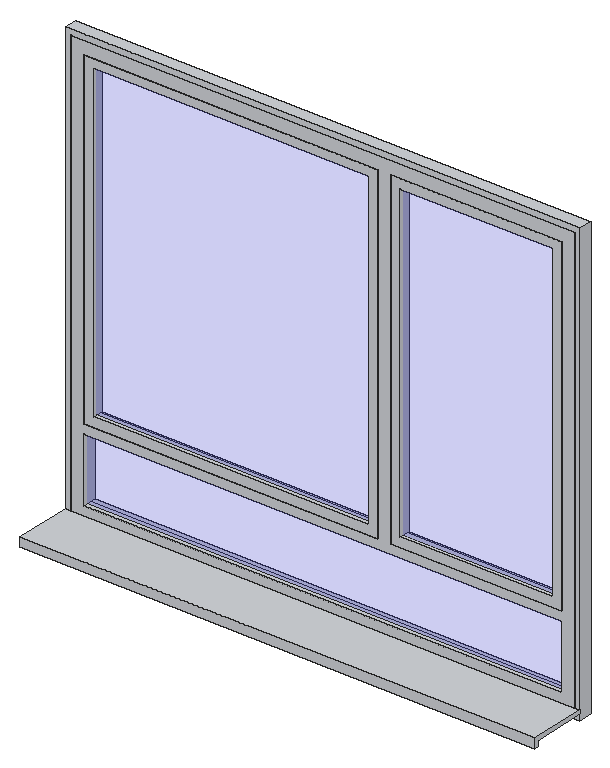
Revit family "AVLN_Окно_Фрамуга общая_2 створки", category Окна, Revit 2021
Family settings
  Основа = Стена
  Номер OmniClass = 23.30.20.00
  Заголовок OmniClass = Windows
  Всегда вертикально = Да
  При загрузке вырезать с полостями = Нет
  Общий = Нет
  Точка принадлежности помещению = Нет
Parameters (values of type "Для копирования!")
  Ширина рамы = 70 mm
  Ширина импоста = 50 mm
  Четверть слева/справа = 50 mm
  Четверть низ = 0 mm  # constant formula
  Четверть верх = 50 mm
  Створка_снизу_ширина = Width - Монтажный зазор * 2 - Ширина рамы * 2  # 2600 mm
  Створка_снизу_высота = 350 mm
  Створка_толщина = 25 mm  # constant formula
  Толщина основы [instance] = 200 mm
  Створка_справа_ширина = Width - ((Ширина рамы * 3) + (Монтажный зазор * 2) + Створка_слева_ширина)  # 930 mm
  Створка_слева_ширина = 1600 mm
  Створка_профиль = 50 mm
  Створка_высота = Height - (Створка_снизу_высота + (Ширина рамы * 2) + Ширина импоста + (Монтажный зазор * 2))  # 1800 mm
  Define Thermal Properties by = 1
  Model = ""
  Верх право открывание = АВЛН_Створка открывная : Створка откидная
  Верх лево открывание = АВЛН_Створка открывная : Створка откидная
  Rough Width = Width - Монтажный зазор * 2  # 2740 mm
  Rough Height = Height - Монтажный зазор * 2  # 2340 mm
  Подстановочный профиль_Ширина = 20 mm  # constant formula
  Подстановочный профиль_Толщина = 60 mm
  Подоконник_Толщина = 20 mm
  Подоконник_Длина = Width  # 2800 mm
  Подоконник_Глубина = 280 mm
  Подоконник = yes
  Низ открывание = АВЛН_Створка открывная : Створка глухая
  Глубина вставки = 0 mm
  Отлив_Толщина = 1 mm  # constant formula
  Отлив_Длина = Width - [Четверть слева/справа] * 2  # 2700 mm
  Отлив_Глубина = 280 mm
  Отлив = no
  Откос_Н.Ширина = Width - 2 * [Четверть слева/справа]  # 2700 mm
  Откос_Н.Толщина.8 = 32 mm
  Откос_Н.Толщина.7 = 28 mm
  Откос_Н.Толщина.6 = 24 mm
  Откос_Н.Толщина.5 = 20 mm
  Откос_Н.Толщина.4 = 16 mm
  Откос_Н.Толщина.3 = 12 mm
  Откос_Н.Толщина.2 = 8 mm
  Откос_Н.Толщина.1 = 4 mm
  Откос_Н.Отступ_П = 0 mm  # constant formula
  Откос_Н.Отступ_Л = 0 mm  # constant formula
  Откос_Н.Количество слоев = 0
  Откос_Н.Глубина = 150 mm
  Откос_Н.Высота = Height - Четверть верх - Четверть низ  # 2350 mm
  Откос_В.Толщина.8 = 32 mm
  Откос_В.Толщина.7 = 28 mm
  Откос_В.Толщина.6 = 24 mm
  Откос_В.Толщина.5 = 20 mm
  Откос_В.Толщина.4 = 16 mm
  Откос_В.Толщина.3 = 12 mm
  Откос_В.Толщина.2 = 8 mm
  Откос_В.Толщина.1 = 4 mm
  Откос_В.Отступ_П [instance] = Монтажный зазор + Подоконник_Толщина  # 50 mm
  Откос_В.Отступ_Л [instance] = Монтажный зазор + Подоконник_Толщина  # 50 mm
  Откос_В.Количество слоев = 0
  Откос_В.Глубина [instance] = Толщина основы - Глубина вставки - Ширина рамы  # 130 mm
  Монтажный зазор = 30 mm
  М.Подоконник = none
  М.Отлив = none
  М.Откос_Н.8 = none
  М.Откос_Н.7 = none
  М.Откос_Н.6 = none
  М.Откос_Н.5 = none
  М.Откос_Н.4 = none
  М.Откос_Н.3 = none
  М.Откос_Н.2 = none
  М.Откос_Н.1 = ADSK_Полимеры_ Поливинилхлорид_(ПВХ) белый
  М.Откос_В.8 = none
  М.Откос_В.7 = none
  М.Откос_В.6 = none
  М.Откос_В.5 = none
  М.Откос_В.4 = none
  М.Откос_В.3 = none
  М.Откос_В.2 = none
  М.Откос_В.1 = ADSK_Полимеры_ Поливинилхлорид_(ПВХ) белый
  М.Монтажного зазора = none
  М.Стекла = Стекло
  М.Рамы = none
  М.Подоконный профиль = none
  Type Comments = ""
  Height = 2400 mm
  Высота подоконника по умолчанию = 800 mm
  Замыкание стены = По основе
  Width = 2800 mm
  Аналитическая конструкция = "<Нет>"
  АВЛН_Проем_Ширина [instance] = Width  # 2800 mm
  АВЛН_Проем_Высота [instance] = Height  # 2400 mm
  ADSK_Этаж [instance] = ""
  ADSK_Размер_Ширина = Width  # 2800 mm
  ADSK_Размер_Высота = Height  # 2400 mm
  ADSK_Примечание [instance] = ""
  ADSK_Площадь = Height * Width  # 6.72 m²
  ADSK_Обозначение = ""
  ADSK_Номер секции [instance] = ""
  ADSK_Наименование = ""
  ADSK_Марка = ""
  ADSK_Группирование = ""
  -----------Разрезка----------- = "-----------"  # constant formula
  -----------Профили----------- = "-----------"  # constant formula
  -----------Подоконник----------- = "-----------"  # constant formula
  -----------Отлив----------- = "-----------"  # constant formula
  -----------Откос----------- = "-----------"  # constant formula
  -----------Основные габариты----------- = "-----------"  # constant formula
  -----------Вставка----------- = "-----------"  # constant formula
Reference planes
  plane 1 "По центру (Вперед/Назад)": y = 0
  plane 2 "По центру (Влево/Вправо)": x = 0
  plane 3 "Слева": x = -1400
  plane 4 "Справа": x = 1400
  plane 5 "Подоконник": z = 800
  plane 6 "Заголовок": z = 3200
  plane 7 "Наружный": y = 100
  plane 8 "Внутренние": y = -100
  plane 9 "Окно": y = 100
  plane 10: x = 1370
  plane 11: z = 3170
  plane 12: x = -1370
  plane 13: z = 830
  plane 14: x = 1350
  plane 15: x = -1350
  plane 16: z = 2000
  plane 17: y = 600
  plane 18: y = -400
  plane 19: z = 3150
  plane 20 "Чет. низ": z = 800
  plane 21 "Внутряння грань": y = 30
  plane 22: y = 80
  plane 23 "Импост верх": z = 1300
  plane 24 "Импост низ": z = 1250
  plane 25: z = 900
  plane 26: z = 3100
  plane 27: x = -1300
  plane 28: x = 1300
  plane 29 "4": z = 1275
  plane 30 "5": x = 300
  plane 31 "6": x = 370
  plane 32 "9": x = 0
  plane 33 "10": x = 835
  plane 34 "11": x = -500
  plane 35 "12": z = 2200
  plane 36: z = 1075
Forms (mm)
  Extrusion 1, void
    sketch origin (0, 100, 0) x (1, 0, 0) y (0, 0, 1)
      loop
        line (1350, 3150) -> (-1350, 3150) -> (-1350, 800) -> (1350, 800) -> (1350, 3150)
    from -500 to 20
  Extrusion 2, void
    sketch origin (0, 100, 0) x (1, 0, 0) y (0, 0, 1)
      loop
        line (1400, 3200) -> (-1400, 3200) -> (-1400, 800) -> (1400, 800) -> (1400, 3200)
    from 0 to 500
  Extrusion 3, solid, material <- "М.Монтажного зазора", detail levels medium+fine
    sketch origin (0, 100, 0) x (1, 0, 0) y (0, 0, 1)
      loop
        line (1400, 3200) -> (-1400, 3200) -> (-1400, 800) -> (1400, 800) -> (1400, 3200)
      loop
        line (-1370, 3170) -> (-1370, 830) -> (1370, 830) -> (1370, 3170) -> (-1370, 3170)
    from 0 to 70
  Extrusion 4, solid, material <- "М.Рамы", detail levels medium+fine
    sketch origin (0, 100, 0) x (-1, 0, 0) y (0, 0, 1)
      loop
        line (-1370, 3170) -> (-1370, 830) -> (1370, 830) -> (1370, 3170) -> (-1370, 3170)
      loop
        line (-300, 3100) -> (-300, 1300) -> (1300, 1300) -> (1300, 3100) -> (-300, 3100)
      loop
        line (1300, 900) -> (1300, 1250) -> (-1300, 1250) -> (-1300, 900) -> (1300, 900)
      loop
        line (-370, 3100) -> (-1300, 3100) -> (-1300, 1300) -> (-370, 1300) -> (-370, 3100)
    from -70 to 0
Lines and regions (mm)
  reference lines
    curve 1: line (-1400, -100, 1275) -> (1400, -100, 1275)
    curve 2: line (335, -100, 3200) -> (335, -100, 800)
Text (mm)
  text "EXTERIOR" at (-1963.203, 1332.353, 0), in view "Опорный уровень"
  text "INTERIOR" at (-1981.466, -818.386, 0), in view "Опорный уровень"
  text "Наружный" at (0, 923.751, 2943.296), in view "Справа"
  text "Наружный" at (0, 1240.237, 2685.409), in view "Слева"
Dimensions and locks
  equal spacing: plane 3 "Слева", plane 2 "По центру (Влево/Вправо)", plane 4 "Справа"
  "Width": plane 3 "Слева" to plane 4 "Справа"
  "Height": plane 5 "Подоконник" to plane 6 "Заголовок"
  "Высота подоконника по умолчанию": plane 5 "Подоконник" to level
  locked: plane 7 "Наружный" to host wall
  locked: plane 8 "Внутренние" to host wall
  "Глубина вставки": plane 9 "Окно" to plane 7 "Наружный"
  "Монтажный зазор": plane 10 to plane 4 "Справа"
  "Монтажный зазор": plane 3 "Слева" to plane 12
  "Монтажный зазор": plane 11 to plane 6 "Заголовок"
  "Монтажный зазор": plane 5 "Подоконник" to plane 13
  "Четверть слева/справа": plane 14 to plane 4 "Справа"
  "Четверть слева/справа": plane 3 "Слева" to plane 15
  equal spacing: plane 5 "Подоконник", plane 16, plane 6 "Заголовок"
  locked: plane 7 "Наружный" to plane 17 at 500
  locked: plane 18 to plane 8 "Внутренние" at 300
  "Четверть верх": plane 19 to plane 6 "Заголовок"
  "Четверть низ": plane 5 "Подоконник" to plane 20 "Чет. низ"
  "Ширина рамы": plane 9 "Окно" to plane 21 "Внутряння грань"
  "Толщина основы": host wall to host wall
  locked: plane 22 to plane 21 "Внутряння грань" at 50
  "Ширина импоста": plane 24 "Импост низ" to plane 23 "Импост верх"
  "Ширина рамы": plane 28 to plane 10
  "Ширина рамы": plane 12 to plane 27
  "Ширина рамы": plane 13 to plane 25
  "Ширина рамы": plane 26 to plane 11
  plane 23 "Импост верх" to plane 26 = 1800 mm  (x2)
  "Створка_снизу_высота": plane 25 to plane 24 "Импост низ"
  equal spacing: plane 23 "Импост верх", plane 29 "4", plane 24 "Импост низ"
  "Створка_слева_ширина": plane 27 to plane 30 "5"
  "Ширина рамы": plane 30 "5" to plane 31 "6"
  equal spacing: plane 30 "5", curve 2, plane 31 "6"
  equal spacing: plane 31 "6", plane 33 "10", plane 28
  equal spacing: plane 27, plane 34 "11", plane 30 "5"
  equal spacing: plane 26, plane 35 "12", plane 23 "Импост верх"
  equal spacing: plane 24 "Импост низ", plane 36, plane 25
  plane 31 "6" to plane 28 = 930 mm
  plane 25 to plane 36 to plane 24 "Импост низ" = 175 mm, 175 mm
  aligned and locked: Extrusion 1 sketch curve to plane 14
  aligned and locked: Extrusion 1 sketch curve to plane 15
  aligned and locked: Extrusion 1 to plane 17
  aligned and locked: Extrusion 2 sketch curve to plane 6 "Заголовок"
  aligned and locked: Extrusion 2 sketch curve to plane 4 "Справа"
  aligned and locked: plane 5 "Подоконник" to Extrusion 2 sketch curve
  aligned and locked: plane 3 "Слева" to Extrusion 2 sketch curve
  aligned and locked: Extrusion 2 to plane 9 "Окно"
  aligned and locked: Extrusion 2 to plane 18
  aligned and locked: Extrusion 1 sketch curve to plane 19
  aligned and locked: plane 20 "Чет. низ" to Extrusion 1 sketch curve
  aligned and locked: plane 9 "Окно" to nested 1
  aligned and locked: plane 2 "По центру (Влево/Вправо)" to nested 1
  aligned and locked: nested 2 to plane 21 "Внутряння грань"
  aligned and locked: nested 2 to plane 2 "По центру (Влево/Вправо)"
  aligned and locked: nested 3 to plane 2 "По центру (Влево/Вправо)"
  aligned and locked: plane 8 "Внутренние" to nested 3
  aligned and locked: nested 4 to plane 9 "Окно"
  aligned and locked: Extrusion 3 sketch curve to plane 6 "Заголовок"
  aligned and locked: Extrusion 3 sketch curve to plane 4 "Справа"
  aligned and locked: Extrusion 3 sketch curve to nested 2  (x2)
  aligned and locked: Extrusion 3 sketch curve to plane 11
  aligned and locked: Extrusion 3 sketch curve to plane 12
  aligned and locked: Extrusion 3 sketch curve to plane 13
  aligned and locked: Extrusion 3 sketch curve to plane 10
  aligned and locked: Extrusion 3 to nested 2
  aligned and locked: Extrusion 4 sketch curve to plane 24 "Импост низ"
  aligned and locked: plane 23 "Импост верх" to Extrusion 4 sketch curve
  aligned and locked: Extrusion 4 sketch curve to Extrusion 4 sketch curve
  aligned and locked: plane 27 to Extrusion 4 sketch curve
  aligned and locked: Extrusion 4 sketch curve to plane 12
  aligned and locked: Extrusion 4 sketch curve to plane 13
  aligned and locked: Extrusion 4 sketch curve to plane 26
  aligned and locked: Extrusion 4 sketch curve to plane 11
  aligned and locked: plane 20 "Чет. низ" to nested 4
  aligned and locked: nested 4 to plane 2 "По центру (Влево/Вправо)"
  aligned and locked: Extrusion 3 to plane 9 "Окно"
  aligned and locked: Extrusion 4 to plane 21 "Внутряння грань"
  aligned and locked: Extrusion 4 to plane 9 "Окно"
  aligned and locked: Extrusion 1 to plane 22
  aligned and locked: curve 1 to plane 29 "4"
  aligned and locked: plane 3 "Слева" to curve 1
  aligned and locked: plane 4 "Справа" to curve 1
  aligned and locked: Extrusion 4 sketch curve to plane 10
  aligned and locked: plane 26 to Extrusion 4 sketch curve
  aligned and locked: Extrusion 4 sketch curve to plane 28
  aligned and locked: Extrusion 4 sketch curve to plane 23 "Импост верх"
  aligned and locked: Extrusion 4 sketch curve to plane 31 "6"
  aligned and locked: plane 6 "Заголовок" to curve 2
  aligned and locked: plane 5 "Подоконник" to curve 2
  aligned and locked: plane 28 to Extrusion 4
  aligned and locked: Extrusion 4 to plane 27
  aligned and locked: plane 32 "9" to nested 5
  aligned and locked: nested 5 to plane 16
  aligned and locked: plane 33 "10" to nested 6
  aligned and locked: nested 6 to plane 35 "12"
  aligned and locked: plane 34 "11" to nested 7
  aligned and locked: nested 7 to plane 35 "12"
  aligned and locked: nested 8 to plane 36
  aligned and locked: plane 32 "9" to nested 8
Automatic sketch dimensions
  plane 28 to Extrusion 4 sketch curve = 0 mm
  plane 30 "5" to Extrusion 4 sketch curve = 0 mm
  Extrusion 4 sketch curve to plane 25 = 0 mm
Nested families
  nested 1: "Отлив" at (0, 100, 800) x (-1, 0, 0) z (0, 0, 1), Глубина отлива <- "Отлив_Глубина", Длина отлива <- "Отлив_Длина", ТО <- "Отлив_Толщина", Ш_МЗЗ <- "Монтажный зазор", Ш_ПП <- "Подстановочный профиль_Ширина", ADSK_Группирование <- "ADSK_Группирование", ADSK_Номер секции <- "ADSK_Номер секции", ADSK_Этаж <- "ADSK_Этаж", visible <- "Отлив", М <- "М.Отлив", type "Отлив", detail levels fine
    with Ш_ПП 20 mm, Ш_МЗЗ 30 mm, ТО 1 mm, М none, Длина отлива 2700 mm, Глубина отлива 280 mm, ADSK_Этаж "", ADSK_Примечание "", ADSK_Обозначение "", ADSK_Номер секции "", ADSK_Наименование "", ADSK_Марка "", ADSK_Группирование ""
  nested 2: "Подоконник" at (0, 30, 800), Глубина подоконника <- "Подоконник_Глубина", Длина отлива <- "Подоконник_Длина", ТП <- "Подоконник_Толщина", Ш_МЗЗ <- "Монтажный зазор", Ш_ПП <- "Подстановочный профиль_Ширина", ADSK_Группирование <- "ADSK_Группирование", ADSK_Номер секции <- "ADSK_Номер секции", ADSK_Этаж <- "ADSK_Этаж", visible <- "Подоконник", М <- "М.Подоконник", type "Подоконник", detail levels fine
    with Ш_ПП 20 mm, Ш_МЗЗ 30 mm, ТП 20 mm, М none, Длина отлива 2800 mm, Глубина подоконника 280 mm, ADSK_Этаж "", ADSK_Примечание "", ADSK_Обозначение "", ADSK_Номер секции "", ADSK_Наименование "", ADSK_Марка "", ADSK_Группирование ""
  nested 3: "AVLN_Откосы_R19" at (0, -100, 0), Глубина <- "Откос_В.Глубина", Высота от уровня <- "Высота подоконника по умолчанию", ADSK_Группирование <- "Type Comments", ADSK_Этаж <- "ADSK_Этаж", ADSK_Номер секции <- "ADSK_Номер секции", Материал_1 <- "М.Откос_В.1", Материал_2 <- "М.Откос_В.2", Материал_3 <- "М.Откос_В.3", Материал_4 <- "М.Откос_В.4", Материал_5 <- "М.Откос_В.5", Материал_6 <- "М.Откос_В.6", Материал_7 <- "М.Откос_В.7", Материал_8 <- "М.Откос_В.8", Толщина_1 <- "Откос_В.Толщина.1", Толщина_2 <- "Откос_В.Толщина.2", Толщина_3 <- "Откос_В.Толщина.3", Толщина_4 <- "Откос_В.Толщина.4", Толщина_5 <- "Откос_В.Толщина.5", Толщина_6 <- "Откос_В.Толщина.6", Толщина_7 <- "Откос_В.Толщина.7", Толщина_8 <- "Откос_В.Толщина.8", Количество слоев <- "Откос_В.Количество слоев", Отступ_Л <- "Откос_В.Отступ_Л", Отступ_П <- "Откос_В.Отступ_П", Высота <- "Height", Ширина <- "Width", type "AVLN_Откосы_R19"
    with Ширина_8 2576 mm, Ширина_7 2632 mm, Ширина_6 2680 mm, Ширина_5 2720 mm, Ширина_4 2752 mm, Ширина_3 2776 mm, Ширина_2 2792 mm, Ширина 2800 mm, Толщина_8 32 mm, Толщина_7 28 mm, Толщина_6 24 mm, Толщина_5 20 mm, Толщина_4 16 mm, Толщина_3 12 mm, Толщина_2 8 mm, Толщина_1 4 mm, Отступ_П 50 mm, Отступ_Л 50 mm, Материал_8 none, Материал_7 none, Материал_6 none, Материал_5 none, Материал_4 none, Материал_3 none, Материал_2 none, Материал_1 ADSK_Полимеры_ Поливинилхлорид_(ПВХ) белый, Количество слоев 0, Глубина 130 mm, Высота_8 2288 mm, Высота_7 2316 mm, Высота_6 2340 mm, Высота_5 2360 mm, Высота_4 2376 mm, Высота_3 2388 mm, Высота_2 2396 mm, Высота от уровня 800 mm, Высота 2400 mm, Видимость_8 no, Видимость_7 no, Видимость_6 no, Видимость_5 no, Видимость_4 no, Видимость_3 no, Видимость_2 no, Видимость_1 no, ADSK_Этаж "", ADSK_Номер секции "", ADSK_Группирование ""
  nested 4: "AVLN_Откосы_R19" at (0, 100, 0), Ширина <- "Откос_Н.Ширина", Глубина <- "Откос_Н.Глубина", Высота <- "Откос_Н.Высота", Высота от уровня <- "Высота подоконника по умолчанию", ADSK_Группирование <- "Type Comments", ADSK_Этаж <- "ADSK_Этаж", ADSK_Номер секции <- "ADSK_Номер секции", Материал_1 <- "М.Откос_Н.1", Материал_2 <- "М.Откос_Н.2", Материал_3 <- "М.Откос_Н.3", Материал_4 <- "М.Откос_Н.4", Материал_5 <- "М.Откос_Н.5", Материал_6 <- "М.Откос_Н.6", Материал_7 <- "М.Откос_Н.7", Материал_8 <- "М.Откос_Н.8", Толщина_1 <- "Откос_Н.Толщина.1", Толщина_2 <- "Откос_Н.Толщина.2", Толщина_3 <- "Откос_Н.Толщина.3", Толщина_4 <- "Откос_Н.Толщина.4", Толщина_5 <- "Откос_Н.Толщина.5", Толщина_6 <- "Откос_Н.Толщина.6", Толщина_7 <- "Откос_Н.Толщина.7", Толщина_8 <- "Откос_Н.Толщина.8", Количество слоев <- "Откос_Н.Количество слоев", Отступ_Л <- "Откос_Н.Отступ_Л", Отступ_П <- "Откос_Н.Отступ_П", type "AVLN_Откосы_R19"
    with Ширина_8 2476 mm, Ширина_7 2532 mm, Ширина_6 2580 mm, Ширина_5 2620 mm, Ширина_4 2652 mm, Ширина_3 2676 mm, Ширина_2 2692 mm, Ширина 2700 mm, Толщина_8 32 mm, Толщина_7 28 mm, Толщина_6 24 mm, Толщина_5 20 mm, Толщина_4 16 mm, Толщина_3 12 mm, Толщина_2 8 mm, Толщина_1 4 mm, Отступ_П 0 mm, Отступ_Л 0 mm, Материал_8 none, Материал_7 none, Материал_6 none, Материал_5 none, Материал_4 none, Материал_3 none, Материал_2 none, Материал_1 ADSK_Полимеры_ Поливинилхлорид_(ПВХ) белый, Количество слоев 0, Глубина 150 mm, Высота_8 2238 mm, Высота_7 2266 mm, Высота_6 2290 mm, Высота_5 2310 mm, Высота_4 2326 mm, Высота_3 2338 mm, Высота_2 2346 mm, Высота от уровня 800 mm, Высота 2350 mm, Видимость_8 no, Видимость_7 no, Видимость_6 no, Видимость_5 no, Видимость_4 no, Видимость_3 no, Видимость_2 no, Видимость_1 no, ADSK_Этаж "", ADSK_Номер секции "", ADSK_Группирование ""
  nested 5: "AVLN_Обозначение проема" at (0, 100, 2000) x (0, 0, -1) z (0, -1, 0), ADSK_Размер_Высота <- "АВЛН_Проем_Ширина", ADSK_Размер_Ширина <- "АВЛН_Проем_Высота", type "AVLN_Обозначение проема", detail levels coarse
    with ADSK_Размер_Ширина 2400 mm, ADSK_Размер_Высота 2800 mm
  nested 6: "АВЛН_Створка открывная" at (835, 30, 2200) x (-1, 0, 0) z (0, 1, 0), type <- "Верх право открывание", Створка высота <- "Створка_высота", Створка ширина <- "Створка_справа_ширина", Ширина рамы <- "Створка_профиль", Материал_Ручки <- "М.Рамы", Материал_Рама <- "М.Рамы", Материал_Стеклопакет <- "М.Стекла", type "Створка откидная", detail levels medium+fine
    with Ширина рамы 50 mm, Створка ширина 930 mm, Створка высота 1800 mm, Материал_Стеклопакет Стекло, Материал_Ручки none, Материал_Рама none
  nested 7: "АВЛН_Створка открывная" at (-500, 30, 2200) x (-1, 0, 0) z (0, 1, 0), type <- "Верх лево открывание", Створка высота <- "Створка_высота", Створка ширина <- "Створка_слева_ширина", Ширина рамы <- "Створка_профиль", Материал_Ручки <- "М.Рамы", Материал_Рама <- "М.Рамы", Материал_Стеклопакет <- "М.Стекла", type "Створка откидная", detail levels medium+fine
    with Ширина рамы 50 mm, Створка ширина 1600 mm, Створка высота 1800 mm, Материал_Стеклопакет Стекло, Материал_Ручки none, Материал_Рама none
  nested 8: "АВЛН_Створка открывная" at (0, 30, 1075) x (-1, 0, 0) z (0, 1, 0), Створка высота <- "Створка_снизу_высота", Створка ширина <- "Створка_снизу_ширина", Ширина рамы <- "Створка_профиль", type <- "Низ открывание", Материал_Ручки <- "М.Рамы", Материал_Рама <- "М.Рамы", Материал_Стеклопакет <- "М.Стекла", type "Створка глухая", detail levels medium+fine
    with Ширина рамы 50 mm, Створка ширина 2600 mm, Створка высота 350 mm, Материал_Стеклопакет Стекло, Материал_Ручки none, Материал_Рама none
Definition of nested family "Отлив"
  Parameters (values of type "Отлив")
    Ш_ПП [instance] = 50 mm
    Ш_МЗЗ [instance] = 35 mm
    ТО [instance] = 1 mm
    Default Elevation = 1219.2 mm
    М [instance] = none
    Длина отлива [instance] = 1560 mm
    Глубина отлива [instance] = 280 mm
    ADSK_Этаж [instance] = ""
    ADSK_Примечание [instance] = ""
    ADSK_Обозначение [instance] = ""
    ADSK_Номер секции [instance] = ""
    ADSK_Наименование [instance] = ""
    ADSK_Марка [instance] = ""
    ADSK_Группирование [instance] = ""
  Reference planes
    plane 1 "По центру (Вперед/Назад)": y = 0
    plane 2: z = 0
    plane 3 "По центру (Влево/Вправо)": x = 0
    plane 4: y = -280
    plane 5: x = -780
    plane 6: x = 780
    plane 7: z = 35
    plane 8: z = 85
    plane 9: y = -1
    plane 10: y = -300
    plane 11: y = -301
    plane 12: z = -35
    plane 13: z = 34
  Forms (mm)
    Extrusion 1, solid, material <- "М"
      sketch origin (0, 0, 0) x (0, 1, 0) y (0, 0, 1)
        loop
          line (0, 85) -> (-1, 85) -> (-1, 34.893) -> (-301, 0.893) -> (-301, -35) -> (-300, -35) -> (-300, 0) -> (0, 34) -> (0, 85)
      from -780 to 780
  Dimensions and locks
    equal spacing: plane 5, plane 3 "По центру (Влево/Вправо)", plane 6
    "Длина отлива": plane 5 to plane 6
    "Глубина отлива": plane 4 to plane 1 "По центру (Вперед/Назад)"
    "Ш_МЗЗ": plane 7 to level
    "Ш_ПП": plane 8 to plane 7
    "ТО": plane 1 "По центру (Вперед/Назад)" to plane 9
    "ТО": plane 10 to plane 11
    locked: level to plane 12 at 35
    "ТО": plane 7 to plane 13
    "ТО": Extrusion 1 sketch curve to Extrusion 1 sketch curve
    locked: plane 4 to plane 10 at 20
    aligned and locked: level to plane 2
    aligned and locked: plane 8 to Extrusion 1 sketch curve
    aligned and locked: plane 9 to Extrusion 1 sketch curve
    aligned and locked: plane 11 to Extrusion 1 sketch curve
    aligned and locked: plane 12 to Extrusion 1 sketch curve
    aligned and locked: plane 1 "По центру (Вперед/Назад)" to Extrusion 1 sketch curve  (x2)
    aligned and locked: plane 13 to Extrusion 1 sketch curve
    aligned and locked: level to Extrusion 1 sketch curve
    aligned and locked: plane 10 to Extrusion 1 sketch curve
    aligned and locked: plane 6 to Extrusion 1
    aligned and locked: Extrusion 1 to plane 5
Definition of nested family "Подоконник"
  Parameters (values of type "Подоконник")
    Ш_ПП [instance] = 50 mm
    Ш_МЗЗ [instance] = 35 mm
    ТП [instance] = 20 mm
    Default Elevation = 1219.2 mm
    М [instance] = none
    Длина отлива [instance] = 1560 mm
    Глубина подоконника [instance] = 280 mm
    ADSK_Этаж [instance] = ""
    ADSK_Примечание [instance] = ""
    ADSK_Обозначение [instance] = ""
    ADSK_Номер секции [instance] = ""
    ADSK_Наименование [instance] = ""
    ADSK_Марка [instance] = ""
    ADSK_Группирование [instance] = ""
  Reference planes
    plane 1 "По центру (Вперед/Назад)": y = 0
    plane 2: z = 0
    plane 3 "По центру (Влево/Вправо)": x = 0
    plane 4: y = -280
    plane 5: x = -780
    plane 6: x = 780
    plane 7: z = 35
    plane 8: z = 85
    plane 9: y = -20
    plane 10: y = -290
    plane 11: y = -310
    plane 12: z = -35
    plane 13: z = 15
    plane 14: z = 65
  Forms (mm)
    Extrusion 1, solid, material <- "М"
      sketch origin (0, 0, 0) x (0, 1, 0) y (0, 0, 1)
        loop
          line (0, 85) -> (-310, 85) -> (-310, 0) -> (-290, 0) -> (-290, 65) -> (0, 65) -> (0, 85)
      from -780 to 780
  Dimensions and locks
    equal spacing: plane 5, plane 3 "По центру (Влево/Вправо)", plane 6
    "Длина отлива": plane 5 to plane 6
    "Глубина подоконника": plane 4 to plane 1 "По центру (Вперед/Назад)"
    "Ш_МЗЗ": plane 7 to level
    "Ш_ПП": plane 8 to plane 7
    "ТП": plane 1 "По центру (Вперед/Назад)" to plane 9
    "ТП": plane 10 to plane 11
    locked: level to plane 12 at 35
    "ТП": plane 7 to plane 13
    locked: plane 4 to plane 10 at 10
    "ТП": plane 8 to plane 14
    aligned and locked: level to plane 2
    aligned and locked: plane 8 to Extrusion 1 sketch curve
    aligned and locked: plane 1 "По центру (Вперед/Назад)" to Extrusion 1 sketch curve
    aligned and locked: plane 10 to Extrusion 1 sketch curve
    aligned and locked: plane 11 to Extrusion 1 sketch curve
    aligned and locked: level to Extrusion 1 sketch curve
    aligned and locked: plane 14 to Extrusion 1 sketch curve
    aligned and locked: Extrusion 1 to plane 5
    aligned and locked: plane 6 to Extrusion 1
Definition of nested family "АВЛН_Створка открывная"
  Parameters (values of type "Створка повороно-откидная правая")
    Ширина рамы [instance] = 50 mm
    Width = 1600 mm
    Створка ширина [instance] = 800 mm
    Створка высота [instance] = 700 mm
    Define Thermal Properties by = 1
    Материал_Стеклопакет [instance] = none
    Поворотная Правая = yes
    Поворотная Левая = no
    Default Elevation = 1219.2 mm
    Открываная = yes
    Откидная = yes
    Материал_Ручки [instance] = none
    Материал_Рама [instance] = none
    Левая = yes
    Глухое = no
    Height = 1800 mm
    Analytic Construction = "<Нет>"
  Types (6, lengths in mm): name | Поворотная Правая | Поворотная Левая | Открываная | Откидная | Глухое
    Створка повороно-откидная правая | yes | no | yes | yes | no
    Створка повороно-откидная левая | no | yes | yes | yes | no
    Створка глухая | no | no | no | no | yes
    Створка откидная | no | no | yes | yes | no
    Створка поворотная правая | yes | no | yes | no | no
    Створка поворотная левая | no | yes | yes | no | no
  Reference planes
    plane 1 "По центру (Вперед/Назад)": y = 0
    plane 2 "Внутрення грань": z = 0
    plane 3 "По центру (Влево/Вправо)": x = 0
    plane 4: y = 350
    plane 5: x = 400
    plane 6: y = -350
    plane 7: x = -400
    plane 8 "Наружняя грань": z = 60.433
    plane 9 "По центру Л/Р": z = 30.216
  Forms (mm)
    Extrusion 1, solid
      sketch origin (0, 0, 0) x (1, 0, 0) y (0, 1, 0)
        loop
          line (-1219.2, 1219.2) -> (-1219.2, -1219.2) -> (1219.2, -1219.2) -> (1219.2, 1219.2) -> (-1219.2, 1219.2)
      from 0 to -304.8
    Sweep 2, solid, material <- "Материал_Рама", visible <- "Открываная"
      path origin (0, 0, 0) x (1, 0, 0) y (0, 1, 0)
        loop
          line (400, 350) -> (-400, 350) -> (-400, -350) -> (400, -350) -> (400, 350)
      profile origin (0, 350, 0) x (0, -1, 0) y (0, 0, 1)
        loop
          line (0, 0) -> (50, 0) -> (50, 60.433) -> (0, 60.433) -> (0, 0)
    Extrusion 3, solid, material <- "Материал_Стеклопакет", visible <- "Открываная"
      sketch origin (0, 0, 0) x (1, 0, 0) y (0, 1, 0)
        loop
          line (-350, 300) -> (-350, -300) -> (350, -300) -> (350, 300) -> (-350, 300)
      from 17.481 to 42.952
    Extrusion 4, solid, material <- "Материал_Стеклопакет", visible <- "Глухое"
      sketch origin (0, 0, 0) x (1, 0, 0) y (0, 1, 0)
        loop
          line (-400, 350) -> (-400, -350) -> (400, -350) -> (400, 350) -> (-400, 350)
      from 17.481 to 42.952
  Lines and regions (mm)
    model lines, visible <- "Глухое", detail levels medium+fine
      curve 1: line (0, 50, 60.433) -> (0, -50, 60.433)
      curve 2: line (50, 0, 60.433) -> (-50, 0, 60.433)
      curve 17: line (0, 50, 0) -> (0, -50, 0)
      curve 18: line (50, 0, 0) -> (-50, 0, 0)
    model lines, visible <- "Глухое", not visible, detail levels medium+fine
      curve 3: line (60, 38.001, 60.433) -> (60, -61.999, 60.433)
      curve 4: line (110, -11.999, 60.433) -> (10, -11.999, 60.433)
    model lines, visible <- "Поворотная Левая", detail levels medium+fine
      curve 5: line (400, 350, 0) -> (-400, 0, 0)
      curve 6: line (400, -350, 0) -> (-400, 0, 0)
      curve 13: line (400, 350, 60.433) -> (-400, 0, 60.433)
      curve 14: line (400, -350, 60.433) -> (-400, 0, 60.433)
    model lines, visible <- "Откидная", detail levels medium+fine
      curve 7: line (-400, -350, 0) -> (0, 350, 0)
      curve 8: line (0, 350, 0) -> (400, -350, 0)
      curve 15: line (-400, -350, 60.433) -> (0, 350, 60.433)
      curve 16: line (0, 350, 60.433) -> (400, -350, 60.433)
    model lines, visible <- "Поворотная Правая", detail levels medium+fine
      curve 9: line (-400, 350, 0) -> (400, 0, 0)
      curve 10: line (-400, -350, 0) -> (400, 0, 0)
      curve 11: line (-400, 350, 60.433) -> (400, 0, 60.433)
      curve 12: line (-400, -350, 60.433) -> (400, 0, 60.433)
  Dimensions and locks
    "Створка высота": plane 4 to plane 6
    "Створка ширина": plane 7 to plane 5
    equal spacing: plane 7, plane 3 "По центру (Влево/Вправо)", plane 5
    equal spacing: plane 6, plane 1 "По центру (Вперед/Назад)", plane 4
    plane 2 "Внутрення грань" to plane 8 "Наружняя грань" = 60.433 mm
    level to Extrusion 4 = 42.952 mm
    plane 8 "Наружняя грань" to level = 60.433 mm
    equal spacing: Extrusion 3, plane 9 "По центру Л/Р", Extrusion 3
    equal spacing: plane 8 "Наружняя грань", plane 9 "По центру Л/Р", level
    Extrusion 3 to Extrusion 3 = 25.471 mm
    "Ширина рамы": profile plane to Sweep 2 sketch curve
    equal spacing: Extrusion 4, plane 9 "По центру Л/Р", Extrusion 4, locked at 12.735 each
    locked: Extrusion 4 to Extrusion 4 at 25.471
    equal spacing: Sweep 2, nested 1, Sweep 2
    equal spacing: Sweep 2, nested 2, Sweep 2
    aligned and locked: plane 2 "Внутрення грань" to Extrusion 1
    aligned and locked: level to Extrusion 1
    aligned and locked: plane 4 to Sweep 2 sketch curve
    aligned and locked: plane 5 to Sweep 2 sketch curve
    aligned and locked: plane 6 to Sweep 2 sketch curve
    aligned and locked: Sweep 2 sketch curve to plane 7
    aligned and locked: Extrusion 3 sketch curve to Sweep 2  (x4)
    aligned and locked: Extrusion 4 sketch curve to Sweep 2  (x3)
    aligned and locked: Extrusion 4 sketch curve to plane 5
    aligned and locked: Sweep 2 sketch curve to plane 8 "Наружняя грань"
    aligned and locked: plane 6 to Extrusion 4
    aligned and locked: plane 4 to Extrusion 4
    aligned and locked: curve 2 to plane 1 "По центру (Вперед/Назад)"
    aligned and locked: curve 1 to plane 3 "По центру (Влево/Вправо)"
    aligned and locked: curve 18 to plane 1 "По центру (Вперед/Назад)"
    aligned and locked: curve 17 to plane 3 "По центру (Влево/Вправо)"
    aligned and locked: nested 2 to plane 1 "По центру (Вперед/Назад)"
    aligned and locked: nested 1 to plane 1 "По центру (Вперед/Назад)"
  Automatic sketch dimensions
    Extrusion 1 sketch curve to Extrusion 1 sketch curve = 2438.4 mm  (x2)
    plane 1 "По центру (Вперед/Назад)" to curve 5 = 0 mm
    curve 5 to plane 7 = 0 mm
    curve 9 to plane 4 = 0 mm
    curve 9 to plane 7 = 0 mm
    plane 6 to curve 7 = 0 mm
    curve 7 to plane 7 = 0 mm
    curve 7 to plane 3 "По центру (Влево/Вправо)" = 0 mm
    curve 6 to plane 5 = 0 mm
    plane 1 "По центру (Вперед/Назад)" to curve 9 = 0 mm
    curve 9 to plane 5 = 0 mm
    curve 5 to plane 4 = 0 mm
    curve 5 to plane 5 = 0 mm
    plane 6 to curve 8 = 0 mm
    curve 8 to plane 4 = 0 mm
    curve 11 to plane 4 = 0 mm
    curve 11 to plane 7 = 0 mm
    plane 6 to curve 15 = 0 mm
    curve 15 to plane 7 = 0 mm
    plane 1 "По центру (Вперед/Назад)" to curve 14 = 0 mm
    curve 14 to plane 7 = 0 mm
    curve 15 to plane 3 "По центру (Влево/Вправо)" = 0 mm
    plane 1 "По центру (Вперед/Назад)" to curve 11 = 0 mm
    curve 11 to plane 5 = 0 mm
    curve 14 to plane 5 = 0 mm
    curve 13 to plane 4 = 0 mm
    curve 13 to plane 5 = 0 mm
    plane 6 to curve 14 = 0 mm
    curve 15 to plane 4 = 0 mm
    plane 1 "По центру (Вперед/Назад)" to curve 2 = 0 mm
    curve 1 to plane 3 "По центру (Влево/Вправо)" = 0 mm
    curve 2 to plane 3 "По центру (Влево/Вправо)" = 50 mm
    plane 3 "По центру (Влево/Вправо)" to curve 2 = 50 mm
    plane 1 "По центру (Вперед/Назад)" to curve 1 = 50 mm
    curve 1 to plane 1 "По центру (Вперед/Назад)" = 50 mm
    curve 18 to curve 17 = 50 mm
    curve 17 to curve 18 = 50 mm
    plane 1 "По центру (Вперед/Назад)" to curve 17 = 50 mm
    curve 17 to plane 1 "По центру (Вперед/Назад)" = 50 mm
    Sweep 2 sketch curve to level = 0 mm
    Sweep 2 sketch curve to profile plane = 0 mm
  Nested families
    nested 1: "АВЛН_Ручка" at (375, 1040, 0) x (1, 0, 0) z (0, -1, 0), visible <- "Поворотная Правая", Материал дверной ручки <- "Материал_Рама", type "АВЛН_Ручка", detail levels fine
      with Материал дверной ручки none, Высота расположения дверной ручки 1040 mm
    nested 2: "АВЛН_Ручка" at (-375, 1040, 0) x (1, 0, 0) z (0, -1, 0), visible <- "Поворотная Левая", Материал дверной ручки <- "Материал_Рама", type "АВЛН_Ручка", detail levels fine
      with Материал дверной ручки none, Высота расположения дверной ручки 1040 mm
  Definition of nested family "АВЛН_Ручка"
    Parameters (values of type "АВЛН_Ручка")
      Default Elevation = 1219.2 mm
      Материал дверной ручки [instance] = none
      Высота расположения дверной ручки [instance] = 1040 mm
      Analytic Construction = "<Нет>"
      b = 25 mm
      a = 75 mm
    Reference planes
      plane 1 "По центру (Вперед/Назад)": y = 0
      plane 2: z = 0
      plane 3 "По центру (Влево/Вправо)": x = 0
      plane 4: z = 1040
      plane 5: x = 12.5
      plane 6: x = -12.5
      plane 7: z = 1002.5
      plane 8: z = 1077.5
      plane 9: y = -15
    Forms (mm)
      Extrusion 1, solid, material <- "Материал дверной ручки"
        sketch origin (0, 0, 2080) x (-1, 0, 0) y (0, 0, -1)
          loop
            arc (-2.5, 1077.5) -> (-9.571, 1074.571) -> (-12.5, 1067.5) r 10
            line (-12.5, 1067.5) -> (-12.5, 1012.5)
            arc (-12.5, 1012.5) -> (-9.571, 1005.429) -> (-2.5, 1002.5) r 10
            line (-2.5, 1002.5) -> (2.5, 1002.5)
            arc (2.5, 1002.5) -> (9.571, 1005.429) -> (12.5, 1012.5) r 10
            line (12.5, 1012.5) -> (12.5, 1067.5)
            arc (12.5, 1067.5) -> (9.571, 1074.571) -> (2.5, 1077.5) r 10
            line (2.5, 1077.5) -> (-2.5, 1077.5)
        from 0 to 15
      Sweep 2, solid, material <- "Материал дверной ручки"
        path origin (-1040, 0, 1040) x (0, 0, -1) y (0, 1, 0)
          loop
            line (0, -15) -> (0, -38.261)
            arc (0, -38.261) -> (-2.929, -45.332) -> (-10, -48.261) r 10
            line (-10, -48.261) -> (-130, -48.261)
        profile origin (-1040, -26.63, 1040) x (0, 0, -1) y (1, 0, 0)
          loop
            circle (0, 1040) r 8
    Dimensions and locks
      "Высота расположения дверной ручки": plane 4 to level
      "a": plane 7 to plane 8
      "b": plane 6 to plane 5
      plane 6 to plane 5 = 25 mm
      locked: plane 1 "По центру (Вперед/Назад)" to plane 9 at 15
      plane 7 to plane 8 = 75 mm
      aligned and locked: level to plane 2
      aligned and locked: Extrusion 1 sketch curve to plane 7
      aligned and locked: plane 5 to Extrusion 1 sketch curve
      aligned and locked: plane 8 to Extrusion 1 sketch curve
      aligned and locked: Extrusion 1 sketch curve to plane 6
      aligned and locked: Extrusion 1 to plane 1 "По центру (Вперед/Назад)"
    Automatic sketch dimensions
      Sweep 2 sketch curve to plane 9 = 0 mm
      plane 4 to Sweep 2 sketch curve = 10 mm
      plane 9 to Sweep 2 sketch curve = 23.261 mm
      Sweep 2 sketch curve to Sweep 2 sketch curve = 120 mm
      Sweep 2 sketch curve to profile plane = 0 mm
      profile plane to Sweep 2 sketch curve = 1040 mm
      Sweep 2 sketch curve to plane 4 = 0 mm
      plane 3 "По центру (Влево/Вправо)" to Extrusion 1 sketch curve = 2.5 mm  (x2)
      Extrusion 1 sketch curve to plane 3 "По центру (Влево/Вправо)" = 2.5 mm  (x2)
      radius of Sweep 2 sketch curve = 8 mm
Definition of nested family "AVLN_Откосы_R19"
  Parameters (values of type "AVLN_Откосы_R19")
    Ширина_8 [instance] = Ширина_7 - Толщина_7 * 2  # 776 mm
    Ширина_7 [instance] = Ширина_6 - Толщина_6 * 2  # 832 mm
    Ширина_6 [instance] = Ширина_5 - Толщина_5 * 2  # 880 mm
    Ширина_5 [instance] = Ширина_4 - Толщина_4 * 2  # 920 mm
    Ширина_4 [instance] = Ширина_3 - Толщина_3 * 2  # 952 mm
    Ширина_3 [instance] = Ширина_2 - Толщина_2 * 2  # 976 mm
    Ширина_2 [instance] = Ширина - Толщина_1 * 2  # 992 mm
    Ширина [instance] = 1000 mm
    Толщина_8 [instance] = 32 mm
    Толщина_7 [instance] = 28 mm
    Толщина_6 [instance] = 24 mm
    Толщина_5 [instance] = 20 mm
    Толщина_4 [instance] = 16 mm
    Толщина_3 [instance] = 12 mm
    Толщина_2 [instance] = 8 mm
    Толщина_1 [instance] = 4 mm
    Отступ_П [instance] = 0 mm
    Отступ_Л [instance] = 0 mm
    Default Elevation = 1219.2 mm
    Материал_8 [instance] = none
    Материал_7 [instance] = none
    Материал_6 [instance] = none
    Материал_5 [instance] = none
    Материал_4 [instance] = none
    Материал_3 [instance] = none
    Материал_2 [instance] = none
    Материал_1 [instance] = none
    Type Comments = ""
    Количество слоев [instance] = 8
    Глубина [instance] = 200 mm
    Высота_8 [instance] = Высота_7 - Толщина_7  # 1388 mm
    Высота_7 [instance] = Высота_6 - Толщина_6  # 1416 mm
    Высота_6 [instance] = Высота_5 - Толщина_5  # 1440 mm
    Высота_5 [instance] = Высота_4 - Толщина_4  # 1460 mm
    Высота_4 [instance] = Высота_3 - Толщина_3  # 1476 mm
    Высота_3 [instance] = Высота_2 - Толщина_2  # 1488 mm
    Высота_2 [instance] = Высота - Толщина_1  # 1496 mm
    Высота от уровня [instance] = 377.189 mm
    Высота [instance] = 1500 mm
    Видимость_8 [instance] = Количество слоев > 7  # yes
    Видимость_7 [instance] = Количество слоев > 6  # yes
    Видимость_6 [instance] = Количество слоев > 5  # yes
    Видимость_5 [instance] = Количество слоев > 4  # yes
    Видимость_4 [instance] = Количество слоев > 3  # yes
    Видимость_3 [instance] = Количество слоев > 2  # yes
    Видимость_2 [instance] = Количество слоев > 1  # yes
    Видимость_1 [instance] = Количество слоев > 0  # yes
    ADSK_Этаж [instance] = ""
    ADSK_Номер секции [instance] = ""
    ADSK_Группирование [instance] = ""
  Reference planes
    plane 1 "По центру (Вперед/Назад)": y = 0
    plane 2: z = 0
    plane 3 "По центру (Влево/Вправо)": x = 0
    plane 4: y = 200
    plane 5: z = 377.189
  Dimensions and locks
    "Глубина": plane 4 to plane 1 "По центру (Вперед/Назад)"
    "Высота от уровня": plane 5 to level
    aligned and locked: level to plane 2
    aligned and locked: plane 3 "По центру (Влево/Вправо)" to nested 1
    aligned and locked: nested 1 to plane 1 "По центру (Вперед/Назад)"
    aligned and locked: plane 3 "По центру (Влево/Вправо)" to nested 2
    aligned and locked: nested 2 to plane 1 "По центру (Вперед/Назад)"
    aligned and locked: plane 3 "По центру (Влево/Вправо)" to nested 3
    aligned and locked: nested 3 to plane 1 "По центру (Вперед/Назад)"
    aligned and locked: plane 3 "По центру (Влево/Вправо)" to nested 4
    aligned and locked: nested 4 to plane 1 "По центру (Вперед/Назад)"
    aligned and locked: plane 3 "По центру (Влево/Вправо)" to nested 5
    aligned and locked: nested 5 to plane 1 "По центру (Вперед/Назад)"
    aligned and locked: plane 3 "По центру (Влево/Вправо)" to nested 6
    aligned and locked: nested 6 to plane 1 "По центру (Вперед/Назад)"
    aligned and locked: plane 3 "По центру (Влево/Вправо)" to nested 7
    aligned and locked: nested 7 to plane 1 "По центру (Вперед/Назад)"
    aligned and locked: plane 3 "По центру (Влево/Вправо)" to nested 8
    aligned and locked: nested 8 to plane 1 "По центру (Вперед/Назад)"
  Nested families
    nested 1: "Откос_R1" at (0, 100, 377.189), ADSK_Размер_Глубина <- "Глубина", built-in parameter 1001364 <- "Высота от уровня", ADSK_Группирование <- "ADSK_Группирование", ADSK_Номер секции <- "ADSK_Номер секции", ADSK_Этаж <- "ADSK_Этаж", visible <- "Видимость_1", Видимость <- "Видимость_1", Материал <- "Материал_1", ADSK_Размер_Высота <- "Высота", ADSK_Размер_Толщина <- "Толщина_1", ADSK_Размер_Ширина <- "Ширина", Отступ_Л <- "Отступ_Л", Отступ_П <- "Отступ_П", type "Откос_R19 2"
      with Площадь 0.80 m², Отступ_П 0 mm, Отступ_Л 0 mm, Материал none, Видимость yes, ADSK_Этаж "", ADSK_Размер_Ширина 1000 mm, ADSK_Размер_Толщина 4 mm, ADSK_Размер_Глубина 200 mm, ADSK_Размер_Высота 1500 mm, ADSK_Номер секции "", ADSK_Группирование ""
    nested 2: "Откос_R1" at (0, 100, 377.189), ADSK_Размер_Глубина <- "Глубина", built-in parameter 1001364 <- "Высота от уровня", ADSK_Группирование <- "ADSK_Группирование", ADSK_Номер секции <- "ADSK_Номер секции", ADSK_Этаж <- "ADSK_Этаж", visible <- "Видимость_2", Видимость <- "Видимость_2", Материал <- "Материал_2", ADSK_Размер_Высота <- "Высота_2", ADSK_Размер_Толщина <- "Толщина_2", ADSK_Размер_Ширина <- "Ширина_2", Отступ_Л <- "Отступ_Л", Отступ_П <- "Отступ_П", type "Откос_R19 2"
      with Площадь 0.7968 m², Отступ_П 0 mm, Отступ_Л 0 mm, Материал none, Видимость yes, ADSK_Этаж "", ADSK_Размер_Ширина 992 mm, ADSK_Размер_Толщина 8 mm, ADSK_Размер_Глубина 200 mm, ADSK_Размер_Высота 1496 mm, ADSK_Номер секции "", ADSK_Группирование ""
    nested 3: "Откос_R1" at (0, 100, 377.189), ADSK_Размер_Глубина <- "Глубина", built-in parameter 1001364 <- "Высота от уровня", ADSK_Группирование <- "ADSK_Группирование", ADSK_Номер секции <- "ADSK_Номер секции", ADSK_Этаж <- "ADSK_Этаж", visible <- "Видимость_3", Видимость <- "Видимость_3", Материал <- "Материал_3", ADSK_Размер_Высота <- "Высота_3", ADSK_Размер_Толщина <- "Толщина_3", ADSK_Размер_Ширина <- "Ширина_3", Отступ_Л <- "Отступ_Л", Отступ_П <- "Отступ_П", type "Откос_R19 2"
      with Площадь 0.7904 m², Отступ_П 0 mm, Отступ_Л 0 mm, Материал none, Видимость yes, ADSK_Этаж "", ADSK_Размер_Ширина 976 mm, ADSK_Размер_Толщина 12 mm, ADSK_Размер_Глубина 200 mm, ADSK_Размер_Высота 1488 mm, ADSK_Номер секции "", ADSK_Группирование ""
    nested 4: "Откос_R1" at (0, 100, 377.189), ADSK_Размер_Глубина <- "Глубина", built-in parameter 1001364 <- "Высота от уровня", ADSK_Группирование <- "ADSK_Группирование", ADSK_Номер секции <- "ADSK_Номер секции", ADSK_Этаж <- "ADSK_Этаж", visible <- "Видимость_4", Видимость <- "Видимость_4", Материал <- "Материал_4", ADSK_Размер_Высота <- "Высота_4", ADSK_Размер_Толщина <- "Толщина_4", ADSK_Размер_Ширина <- "Ширина_4", Отступ_Л <- "Отступ_Л", Отступ_П <- "Отступ_П", type "Откос_R19 2"
      with Площадь 0.7808 m², Отступ_П 0 mm, Отступ_Л 0 mm, Материал none, Видимость yes, ADSK_Этаж "", ADSK_Размер_Ширина 952 mm, ADSK_Размер_Толщина 16 mm, ADSK_Размер_Глубина 200 mm, ADSK_Размер_Высота 1476 mm, ADSK_Номер секции "", ADSK_Группирование ""
    nested 5: "Откос_R1" at (0, 100, 377.189), ADSK_Размер_Глубина <- "Глубина", built-in parameter 1001364 <- "Высота от уровня", ADSK_Группирование <- "ADSK_Группирование", ADSK_Номер секции <- "ADSK_Номер секции", ADSK_Этаж <- "ADSK_Этаж", visible <- "Видимость_5", Видимость <- "Видимость_5", Материал <- "Материал_5", ADSK_Размер_Высота <- "Высота_5", ADSK_Размер_Толщина <- "Толщина_5", ADSK_Размер_Ширина <- "Ширина_5", Отступ_Л <- "Отступ_Л", Отступ_П <- "Отступ_П", type "Откос_R19 2"
      with Площадь 0.768 m², Отступ_П 0 mm, Отступ_Л 0 mm, Материал none, Видимость yes, ADSK_Этаж "", ADSK_Размер_Ширина 920 mm, ADSK_Размер_Толщина 20 mm, ADSK_Размер_Глубина 200 mm, ADSK_Размер_Высота 1460 mm, ADSK_Номер секции "", ADSK_Группирование ""
    nested 6: "Откос_R1" at (0, 100, 377.189), ADSK_Размер_Глубина <- "Глубина", built-in parameter 1001364 <- "Высота от уровня", ADSK_Группирование <- "ADSK_Группирование", ADSK_Номер секции <- "ADSK_Номер секции", ADSK_Этаж <- "ADSK_Этаж", visible <- "Видимость_6", Видимость <- "Видимость_6", Материал <- "Материал_6", ADSK_Размер_Высота <- "Высота_6", ADSK_Размер_Толщина <- "Толщина_6", ADSK_Размер_Ширина <- "Ширина_6", Отступ_Л <- "Отступ_Л", Отступ_П <- "Отступ_П", type "Откос_R19 2"
      with Площадь 0.752 m², Отступ_П 0 mm, Отступ_Л 0 mm, Материал none, Видимость yes, ADSK_Этаж "", ADSK_Размер_Ширина 880 mm, ADSK_Размер_Толщина 24 mm, ADSK_Размер_Глубина 200 mm, ADSK_Размер_Высота 1440 mm, ADSK_Номер секции "", ADSK_Группирование ""
    nested 7: "Откос_R1" at (0, 100, 377.189), ADSK_Размер_Глубина <- "Глубина", built-in parameter 1001364 <- "Высота от уровня", ADSK_Группирование <- "ADSK_Группирование", ADSK_Номер секции <- "ADSK_Номер секции", ADSK_Этаж <- "ADSK_Этаж", visible <- "Видимость_7", Видимость <- "Видимость_7", Материал <- "Материал_7", ADSK_Размер_Высота <- "Высота_7", ADSK_Размер_Толщина <- "Толщина_7", ADSK_Размер_Ширина <- "Ширина_7", Отступ_Л <- "Отступ_Л", Отступ_П <- "Отступ_П", type "Откос_R19 2"
      with Площадь 0.7328 m², Отступ_П 0 mm, Отступ_Л 0 mm, Материал none, Видимость yes, ADSK_Этаж "", ADSK_Размер_Ширина 832 mm, ADSK_Размер_Толщина 28 mm, ADSK_Размер_Глубина 200 mm, ADSK_Размер_Высота 1416 mm, ADSK_Номер секции "", ADSK_Группирование ""
    nested 8: "Откос_R1" at (0, 100, 377.189), ADSK_Размер_Глубина <- "Глубина", built-in parameter 1001364 <- "Высота от уровня", ADSK_Группирование <- "ADSK_Группирование", ADSK_Номер секции <- "ADSK_Номер секции", ADSK_Этаж <- "ADSK_Этаж", visible <- "Видимость_8", Видимость <- "Видимость_8", Материал <- "Материал_8", ADSK_Размер_Высота <- "Высота_8", ADSK_Размер_Толщина <- "Толщина_8", ADSK_Размер_Ширина <- "Ширина_8", Отступ_Л <- "Отступ_Л", Отступ_П <- "Отступ_П", type "Откос_R19 2"
      with Площадь 0.7104 m², Отступ_П 0 mm, Отступ_Л 0 mm, Материал none, Видимость yes, ADSK_Этаж "", ADSK_Размер_Ширина 776 mm, ADSK_Размер_Толщина 32 mm, ADSK_Размер_Глубина 200 mm, ADSK_Размер_Высота 1388 mm, ADSK_Номер секции "", ADSK_Группирование ""
  Definition of nested family "Откос_R1"
    Parameters (values of type "Откос_R19")
      Площадь [instance] = (ADSK_Размер_Ширина + 2 * ADSK_Размер_Высота) * ADSK_Размер_Глубина  # 2.93564 m²
      Отступ_П [instance] = 0 mm
      Отступ_Л [instance] = 0 mm
      Материал [instance] = none
      Model = "Внутренний слой откоса"  # constant formula
      Видимость [instance] = yes
      ADSK_Этаж [instance] = ""
      ADSK_Размер_Ширина [instance] = 1880 mm
      ADSK_Размер_Толщина [instance] = 164.158 mm
      ADSK_Размер_Глубина [instance] = 560 mm
      ADSK_Размер_Высота [instance] = 1681.106 mm
      ADSK_Примечание = ""
      ADSK_Обозначение = ""
      ADSK_Номер секции [instance] = ""
      ADSK_Наименование = ""
      ADSK_Марка = ""
      ADSK_Группирование [instance] = ""
    Reference planes
      plane 1 "По центру (Вперед/Назад)": y = 0
      plane 2: z = 0
      plane 3 "По центру (Влево/Вправо)": x = 0
      plane 4: x = -940
      plane 5: x = 940
      plane 6: y = 280
      plane 7: y = -280
      plane 8: x = -775.842
      plane 9: z = 1681.106
      plane 10: z = 0
      plane 11: z = 0
    Forms (mm)
      Sweep 1, solid, material <- "Материал", visible <- "Видимость"
        path origin (0, 0, 0) x (1, 0, 0) y (0, 0, 1)
          loop
            line (940, 0) -> (940, 1681.106) -> (-940, 1681.106) -> (-940, 0)
        profile origin (-940, 0, 840.553) x (0, -1, 0) y (1, 0, 0)
          loop
            line (-280, 0) -> (280, 0) -> (280, 164.158) -> (-280, 164.158) -> (-280, 0)
    Dimensions and locks
      equal spacing: plane 6, plane 1 "По центру (Вперед/Назад)", plane 7
      equal spacing: plane 4, plane 3 "По центру (Влево/Вправо)", plane 5
      "ADSK_Размер_Толщина": plane 4 to plane 8
      "ADSK_Размер_Глубина": plane 6 to plane 7
      "ADSK_Размер_Высота": plane 9 to level
      "ADSK_Размер_Ширина": plane 5 to plane 4
      "Отступ_Л": plane 10 to level
      "Отступ_П": plane 11 to level
      aligned and locked: level to plane 2
      aligned and locked: Sweep 1 sketch curve to plane 4
      aligned and locked: Sweep 1 sketch curve to plane 9
      aligned and locked: Sweep 1 sketch curve to plane 5
      aligned and locked: plane 6 to Sweep 1 sketch curve
      aligned and locked: profile plane to Sweep 1 sketch curve
      aligned and locked: Sweep 1 sketch curve to plane 7
      aligned and locked: plane 8 to Sweep 1 sketch curve
      aligned and locked: plane 10 to Sweep 1 sketch curve
      aligned and locked: plane 11 to Sweep 1 sketch curve
Definition of nested family "AVLN_Обозначение проема"
  Parameters (values of type "AVLN_Обозначение проема")
    Длина [instance] = 200 mm
    ADSK_Размер_Ширина [instance] = 1200 mm
    ADSK_Размер_Высота [instance] = 1800 mm
  Reference planes
    plane 1 "По центру (Вперед/Назад)": y = 0
    plane 2: z = 0
    plane 3 "По центру (Влево/Вправо)": x = 0
    plane 4: y = 900
    plane 5: y = -900
    plane 6: x = 600
    plane 7: x = -600
    plane 8: x = -400
    plane 9: y = 700
  Lines and regions (mm)
    Masking region 1, in view "Опорный уровень"
      outline origin (0, 0, 0) x (1, 0, 0) y (0, 1, 0)
        loop
          line (600, 900) -> (-400, 700) -> (-600, -900) -> (600, -900) -> (600, 900)
    Filled region 1, type "Сплошная заливка - Черный", in view "Опорный уровень"
      outline origin (0, 0, 0) x (1, 0, 0) y (0, 1, 0)
        loop
          line (600, 900) -> (-600, 900) -> (-600, -900) -> (-400, 700) -> (600, 900)
  Dimensions and locks
    equal spacing: plane 4, plane 1 "По центру (Вперед/Назад)", plane 5
    equal spacing: plane 7, plane 3 "По центру (Влево/Вправо)", plane 6
    "ADSK_Размер_Высота": plane 4 to plane 5
    "ADSK_Размер_Ширина": plane 7 to plane 6
    "Длина": plane 7 to plane 8
    "Длина": plane 4 to plane 9
    aligned and locked: plane 6 to Masking region 1 sketch curve
    aligned and locked: Masking region 1 sketch curve to plane 5
    aligned and locked: plane 4 to Filled region 1 sketch curve
    aligned and locked: Filled region 1 sketch curve to plane 7
    aligned and locked: plane 5 to Filled region 1 sketch curve
    aligned and locked: Masking region 1 sketch curve to Filled region 1  (x2)
    aligned and locked: plane 8 to Filled region 1 sketch curve
    aligned and locked: plane 9 to Filled region 1 sketch curve
  Automatic sketch dimensions
    Filled region 1 sketch curve to plane 6 = 0 mm
